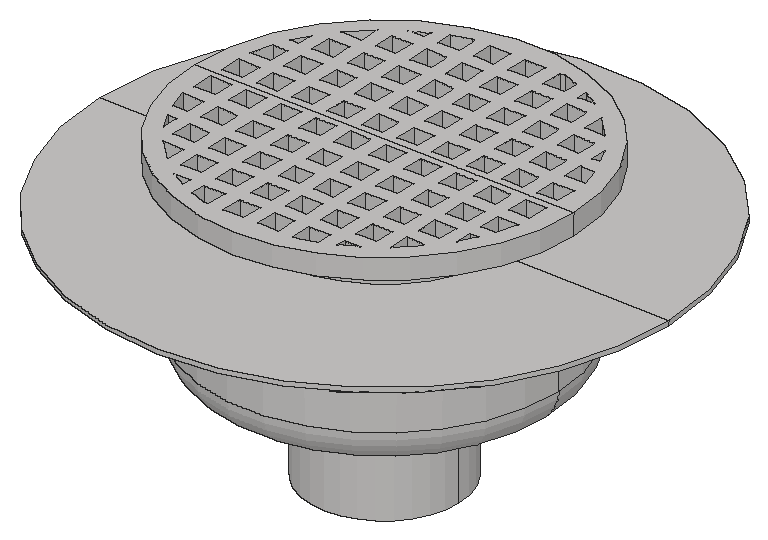
Revit family
Parameters (values of type "9600A06-02")
  Width = 9"
  Waste Connection Radius = 1"
  Waste Connection Diameter = Waste Connection Radius * 2  # 2"
  Waste Connection = yes
  Vent Connection = no
  URL = "www.jrsmith.com"
  Price = "Prices may vary. Please consult Manufacturer Representative for most up-to-date price list."  # constant formula
  Phone Number = "416-250-5656"  # constant formula
  Omniclass Table 23 Title = "Waste Water Drains"  # constant formula
  Omniclass Table 23 Code = "23.70.50.21.24"  # constant formula
  Nominal Height (1/2" min - 1-1/2" max) = 1"
  Model = "9600A06-2\""
  Material = Metal-Jay R Smith-Stainless Steel
  Masterformat Title = "Sanitary Drains"  # constant formula
  Masterformat Number = "22 13 19.13"  # constant formula
  Manufacturer = "Jay R. Smith"
  Length = Width  # 9"
  Height = 3 3/4"
  HW Connection = no
  Description = "General purpose floor drain with round adjustable strainer head for light duty use."
  Default Elevation = 0"
  Creation Date = "27/10/2014"  # constant formula
  Created By = "Allied Technical Services"  # constant formula
  CW Connection = no
  Assembly Code = "D2030300"
  ATS URL = "http://www.atsspec.net"
Types (4): name | Waste Connection Radius | Waste Connection Diameter | Model
  (no name) | 1" | 2" | "9600A06-2\""
  9600A06-02 | 1" | 2" | "9600A06-2\""
  9600A06-03 | 1 1/2" | 3" | "9600A06-3\""
  9600A06-04 | 2" | 4" | "9600A06-4\""
Reference planes (in)
  plane 1 "Center (Front/Back)": y = 0
  plane 2: z = 0
  plane 3 "Center (Left/Right)": x = 0
  plane 4: x = -4.5
  plane 5: x = 4.5
  plane 6: z = 3.75
  plane 7: x = -1
  plane 8: x = 1
  plane 9: z = 4.75
  plane 10: x = -3
  plane 11: x = 3
  plane 12: x = 0
  plane 13: y = 0
Forms (in)
  Revolve 1, solid, material "Metal-Jay R Smith-Stainless Steel" <- "Material"
    sketch origin (0, 0, 0) x (1, 0, 0) y (0, 0, 1)
      loop
        line (1, 0) -> (1.18, 0) -> (1.18, 1.56336) -> (2.22418, 1.56336)
        arc (2.22418, 1.56336) -> (2.59648, 1.74487) -> (2.75182, 2.12883) r 0.57812
        line (2.75182, 2.12883) -> (2.76561, 2.91907)
        arc (2.76561, 2.91907) -> (2.89178, 3.21261) -> (3.18748, 3.33358) r 0.42188
        line (3.18748, 3.33358) -> (3.89593, 3.33358) -> (4.5, 3.68234) -> (4.5, 3.75) -> (1.88476, 3.75) -> (1.88476, 4.32602) -> (1.98624, 4.4275) -> (3, 4.4275) -> (3, 4.75) -> (0, 4.75) -> (0, 4.48382) -> (1.743, 4.48382) -> (1.743, 3.41171) -> (2.69608, 3.41171) -> (2.67371, 2.13056)
        arc (2.67371, 2.13056) -> (2.54058, 1.79949) -> (2.22064, 1.64148) r 0.5
        line (2.22064, 1.64148) -> (1, 1.64148) -> (1, 0)
      axis (0, 0) -> (0, 4.75)
    angle from 0 to 360
  Extrusion 2, void
    sketch origin (0, 0, 0) x (1, 0, 0) y (0, 1, 0)
      loop
        line (-1, 0.44) -> (-1, 0.11) -> (-0.66, 0.11) -> (-0.66, 0.44) -> (-1, 0.44)
      loop
        line (-1, 0.99) -> (-1, 0.66) -> (-0.66, 0.66) -> (-0.66, 0.99) -> (-1, 0.99)
      loop
        line (-1, 1.54) -> (-1, 1.21) -> (-0.66, 1.21) -> (-0.66, 1.54) -> (-1, 1.54)
      loop
        line (-0.43977, 0.44) -> (-0.43977, 0.11) -> (-0.10977, 0.11) -> (-0.10977, 0.44) -> (-0.43977, 0.44)
      loop
        line (-0.43977, 0.99) -> (-0.43977, 0.66) -> (-0.10977, 0.66) -> (-0.10977, 0.99) -> (-0.43977, 0.99)
      loop
        line (-0.43977, 1.54) -> (-0.43977, 1.21) -> (-0.10977, 1.21) -> (-0.10977, 1.54) -> (-0.43977, 1.54)
      loop
        line (-1, -0.44) -> (-0.66, -0.44) -> (-0.66, -0.11) -> (-1, -0.11) -> (-1, -0.44)
      loop
        line (-1, -0.99) -> (-0.66, -0.99) -> (-0.66, -0.66) -> (-1, -0.66) -> (-1, -0.99)
      loop
        line (-1, -1.54) -> (-0.66, -1.54) -> (-0.66, -1.21) -> (-1, -1.21) -> (-1, -1.54)
      loop
        line (-0.43977, -0.44) -> (-0.10977, -0.44) -> (-0.10977, -0.11) -> (-0.43977, -0.11) -> (-0.43977, -0.44)
      loop
        line (-0.43977, -0.99) -> (-0.10977, -0.99) -> (-0.10977, -0.66) -> (-0.43977, -0.66) -> (-0.43977, -0.99)
      loop
        line (-0.43977, -1.54) -> (-0.10977, -1.54) -> (-0.10977, -1.21) -> (-0.43977, -1.21) -> (-0.43977, -1.54)
      loop
        arc (-2.10086, -1.76) -> (-1.94245, -1.93342) -> (-1.76977, -2.09263) r 2.74066
        line (-1.76977, -2.09263) -> (-1.76977, -1.76) -> (-2.10086, -1.76)
      loop
        line (-2.10977, 0.44) -> (-2.10977, 0.11) -> (-1.76977, 0.11) -> (-1.76977, 0.44) -> (-2.10977, 0.44)
      loop
        line (-2.10977, 0.99) -> (-2.10977, 0.66) -> (-1.76977, 0.66) -> (-1.76977, 0.99) -> (-2.10977, 0.99)
      loop
        line (-2.10977, 1.54) -> (-2.10977, 1.21) -> (-1.76977, 1.21) -> (-1.76977, 1.54) -> (-2.10977, 1.54)
      loop
        line (-1.54954, 0.44) -> (-1.54954, 0.11) -> (-1.21954, 0.11) -> (-1.21954, 0.44) -> (-1.54954, 0.44)
      loop
        line (-1.54954, 0.99) -> (-1.54954, 0.66) -> (-1.21954, 0.66) -> (-1.21954, 0.99) -> (-1.54954, 0.99)
      loop
        line (-1.54954, 1.54) -> (-1.54954, 1.21) -> (-1.21954, 1.21) -> (-1.21954, 1.54) -> (-1.54954, 1.54)
      loop
        line (-2.10977, -0.44) -> (-1.76977, -0.44) -> (-1.76977, -0.11) -> (-2.10977, -0.11) -> (-2.10977, -0.44)
      loop
        line (-2.10977, -0.99) -> (-1.76977, -0.99) -> (-1.76977, -0.66) -> (-2.10977, -0.66) -> (-2.10977, -0.99)
      loop
        line (-2.10977, -1.54) -> (-1.76977, -1.54) -> (-1.76977, -1.21) -> (-2.10977, -1.21) -> (-2.10977, -1.54)
      loop
        line (-1.54954, -0.44) -> (-1.21954, -0.44) -> (-1.21954, -0.11) -> (-1.54954, -0.11) -> (-1.54954, -0.44)
      loop
        line (-1.54954, -0.99) -> (-1.21954, -0.99) -> (-1.21954, -0.66) -> (-1.54954, -0.66) -> (-1.54954, -0.99)
      loop
        line (-1.54954, -1.54) -> (-1.21954, -1.54) -> (-1.21954, -1.21) -> (-1.54954, -1.21) -> (-1.54954, -1.54)
      loop
        line (-2.66, 0.44) -> (-2.66, 0.11) -> (-2.32, 0.11) -> (-2.32, 0.44) -> (-2.66, 0.44)
      loop
        arc (-2.5556, 0.99) -> (-2.61302, 0.82665) -> (-2.66, 0.66) r 2.74066
        line (-2.66, 0.66) -> (-2.32, 0.66) -> (-2.32, 0.99) -> (-2.5556, 0.99)
      loop
        line (-2.32, 1.21) -> (-2.32, 1.45904)
        arc (-2.32, 1.45904) -> (-2.39278, 1.33633) -> (-2.45909, 1.21) r 2.74066
        line (-2.45909, 1.21) -> (-2.32, 1.21)
      loop
        line (-2.66, -0.44) -> (-2.32, -0.44) -> (-2.32, -0.11) -> (-2.66, -0.11) -> (-2.66, -0.44)
      loop
        line (-2.5556, -0.99) -> (-2.32, -0.99) -> (-2.32, -0.66) -> (-2.66, -0.66)
        arc (-2.66, -0.66) -> (-2.61302, -0.82665) -> (-2.5556, -0.99) r 2.74066
      loop
        line (-2.32, -1.21) -> (-2.45909, -1.21)
        arc (-2.45909, -1.21) -> (-2.39278, -1.33633) -> (-2.32, -1.45904) r 2.74066
        line (-2.32, -1.45904) -> (-2.32, -1.21)
      loop
        line (-1, 2.09) -> (-1, 1.76) -> (-0.66, 1.76) -> (-0.66, 2.09) -> (-1, 2.09)
      loop
        arc (-0.73593, 2.64) -> (-0.86909, 2.59921) -> (-1, 2.55171) r 2.74066
        line (-1, 2.55171) -> (-1, 2.31) -> (-0.66, 2.31) -> (-0.66, 2.64) -> (-0.73593, 2.64)
      loop
        line (-0.43977, 2.09) -> (-0.43977, 1.76) -> (-0.10977, 1.76) -> (-0.10977, 2.09) -> (-0.43977, 2.09)
      loop
        line (-0.43977, 2.64) -> (-0.43977, 2.31) -> (-0.10977, 2.31) -> (-0.10977, 2.64) -> (-0.43977, 2.64)
      loop
        line (-1.76977, 1.76) -> (-1.76977, 2.09263)
        arc (-1.76977, 2.09263) -> (-1.94245, 1.93342) -> (-2.10086, 1.76) r 2.74066
        line (-2.10086, 1.76) -> (-1.76977, 1.76)
      loop
        line (-1.54954, 2.09) -> (-1.54954, 1.76) -> (-1.21954, 1.76) -> (-1.21954, 2.09) -> (-1.54954, 2.09)
      loop
        line (-1.21954, 2.31) -> (-1.21954, 2.45437)
        arc (-1.21954, 2.45437) -> (-1.34911, 2.3856) -> (-1.47482, 2.31) r 2.74066
        line (-1.47482, 2.31) -> (-1.21954, 2.31)
      loop
        line (-1, -2.09) -> (-0.66, -2.09) -> (-0.66, -1.76) -> (-1, -1.76) -> (-1, -2.09)
      loop
        line (-0.73593, -2.64) -> (-0.66, -2.64) -> (-0.66, -2.31) -> (-1, -2.31) -> (-1, -2.55171)
        arc (-1, -2.55171) -> (-0.86909, -2.59921) -> (-0.73593, -2.64) r 2.74066
      loop
        line (-0.43977, -2.09) -> (-0.10977, -2.09) -> (-0.10977, -1.76) -> (-0.43977, -1.76) -> (-0.43977, -2.09)
      loop
        line (-0.43977, -2.64) -> (-0.10977, -2.64) -> (-0.10977, -2.31) -> (-0.43977, -2.31) -> (-0.43977, -2.64)
      loop
        line (-1.54954, -2.09) -> (-1.21954, -2.09) -> (-1.21954, -1.76) -> (-1.54954, -1.76) -> (-1.54954, -2.09)
      loop
        line (-1.21954, -2.31) -> (-1.47482, -2.31)
        arc (-1.47482, -2.31) -> (-1.34911, -2.3856) -> (-1.21954, -2.45437) r 2.74066
        line (-1.21954, -2.45437) -> (-1.21954, -2.31)
      loop
        line (1, 0.44) -> (0.66, 0.44) -> (0.66, 0.11) -> (1, 0.11) -> (1, 0.44)
      loop
        line (1, 0.99) -> (0.66, 0.99) -> (0.66, 0.66) -> (1, 0.66) -> (1, 0.99)
      loop
        line (1, 1.54) -> (0.66, 1.54) -> (0.66, 1.21) -> (1, 1.21) -> (1, 1.54)
      loop
        line (0.43977, 0.44) -> (0.10977, 0.44) -> (0.10977, 0.11) -> (0.43977, 0.11) -> (0.43977, 0.44)
      loop
        line (0.43977, 0.99) -> (0.10977, 0.99) -> (0.10977, 0.66) -> (0.43977, 0.66) -> (0.43977, 0.99)
      loop
        line (0.43977, 1.54) -> (0.10977, 1.54) -> (0.10977, 1.21) -> (0.43977, 1.21) -> (0.43977, 1.54)
      loop
        line (1, -0.44) -> (1, -0.11) -> (0.66, -0.11) -> (0.66, -0.44) -> (1, -0.44)
      loop
        line (1, -0.99) -> (1, -0.66) -> (0.66, -0.66) -> (0.66, -0.99) -> (1, -0.99)
      loop
        line (1, -1.54) -> (1, -1.21) -> (0.66, -1.21) -> (0.66, -1.54) -> (1, -1.54)
      loop
        line (0.43977, -0.44) -> (0.43977, -0.11) -> (0.10977, -0.11) -> (0.10977, -0.44) -> (0.43977, -0.44)
      loop
        line (0.43977, -0.99) -> (0.43977, -0.66) -> (0.10977, -0.66) -> (0.10977, -0.99) -> (0.43977, -0.99)
      loop
        line (0.43977, -1.54) -> (0.43977, -1.21) -> (0.10977, -1.21) -> (0.10977, -1.54) -> (0.43977, -1.54)
      loop
        line (2.10086, -1.76) -> (1.76977, -1.76) -> (1.76977, -2.09263)
        arc (1.76977, -2.09263) -> (1.94245, -1.93342) -> (2.10086, -1.76) r 2.74066
      loop
        line (2.10977, 0.44) -> (1.76977, 0.44) -> (1.76977, 0.11) -> (2.10977, 0.11) -> (2.10977, 0.44)
      loop
        line (2.10977, 0.99) -> (1.76977, 0.99) -> (1.76977, 0.66) -> (2.10977, 0.66) -> (2.10977, 0.99)
      loop
        line (2.10977, 1.54) -> (1.76977, 1.54) -> (1.76977, 1.21) -> (2.10977, 1.21) -> (2.10977, 1.54)
      loop
        line (1.54954, 0.44) -> (1.21954, 0.44) -> (1.21954, 0.11) -> (1.54954, 0.11) -> (1.54954, 0.44)
      loop
        line (1.54954, 0.99) -> (1.21954, 0.99) -> (1.21954, 0.66) -> (1.54954, 0.66) -> (1.54954, 0.99)
      loop
        line (1.54954, 1.54) -> (1.21954, 1.54) -> (1.21954, 1.21) -> (1.54954, 1.21) -> (1.54954, 1.54)
      loop
        line (2.10977, -0.44) -> (2.10977, -0.11) -> (1.76977, -0.11) -> (1.76977, -0.44) -> (2.10977, -0.44)
      loop
        line (2.10977, -0.99) -> (2.10977, -0.66) -> (1.76977, -0.66) -> (1.76977, -0.99) -> (2.10977, -0.99)
      loop
        line (2.10977, -1.54) -> (2.10977, -1.21) -> (1.76977, -1.21) -> (1.76977, -1.54) -> (2.10977, -1.54)
      loop
        line (1.54954, -0.44) -> (1.54954, -0.11) -> (1.21954, -0.11) -> (1.21954, -0.44) -> (1.54954, -0.44)
      loop
        line (1.54954, -0.99) -> (1.54954, -0.66) -> (1.21954, -0.66) -> (1.21954, -0.99) -> (1.54954, -0.99)
      loop
        line (1.54954, -1.54) -> (1.54954, -1.21) -> (1.21954, -1.21) -> (1.21954, -1.54) -> (1.54954, -1.54)
      loop
        line (2.66, 0.44) -> (2.32, 0.44) -> (2.32, 0.11) -> (2.66, 0.11) -> (2.66, 0.44)
      loop
        line (2.5556, 0.99) -> (2.32, 0.99) -> (2.32, 0.66) -> (2.66, 0.66)
        arc (2.66, 0.66) -> (2.61302, 0.82665) -> (2.5556, 0.99) r 2.74066
      loop
        line (2.32, 1.21) -> (2.45909, 1.21)
        arc (2.45909, 1.21) -> (2.39278, 1.33633) -> (2.32, 1.45904) r 2.74066
        line (2.32, 1.45904) -> (2.32, 1.21)
      loop
        line (2.66, -0.44) -> (2.66, -0.11) -> (2.32, -0.11) -> (2.32, -0.44) -> (2.66, -0.44)
      loop
        arc (2.5556, -0.99) -> (2.61302, -0.82665) -> (2.66, -0.66) r 2.74066
        line (2.66, -0.66) -> (2.32, -0.66) -> (2.32, -0.99) -> (2.5556, -0.99)
      loop
        line (2.32, -1.21) -> (2.32, -1.45904)
        arc (2.32, -1.45904) -> (2.39278, -1.33633) -> (2.45909, -1.21) r 2.74066
        line (2.45909, -1.21) -> (2.32, -1.21)
      loop
        line (1, 2.09) -> (0.66, 2.09) -> (0.66, 1.76) -> (1, 1.76) -> (1, 2.09)
      loop
        line (0.73593, 2.64) -> (0.66, 2.64) -> (0.66, 2.31) -> (1, 2.31) -> (1, 2.55171)
        arc (1, 2.55171) -> (0.86909, 2.59921) -> (0.73593, 2.64) r 2.74066
      loop
        line (0.43977, 2.09) -> (0.10977, 2.09) -> (0.10977, 1.76) -> (0.43977, 1.76) -> (0.43977, 2.09)
      loop
        line (0.43977, 2.64) -> (0.10977, 2.64) -> (0.10977, 2.31) -> (0.43977, 2.31) -> (0.43977, 2.64)
      loop
        line (1.76977, 1.76) -> (2.10086, 1.76)
        arc (2.10086, 1.76) -> (1.94245, 1.93342) -> (1.76977, 2.09263) r 2.74066
        line (1.76977, 2.09263) -> (1.76977, 1.76)
      loop
        line (1.54954, 2.09) -> (1.21954, 2.09) -> (1.21954, 1.76) -> (1.54954, 1.76) -> (1.54954, 2.09)
      loop
        line (1.21954, 2.31) -> (1.47482, 2.31)
        arc (1.47482, 2.31) -> (1.34911, 2.3856) -> (1.21954, 2.45437) r 2.74066
        line (1.21954, 2.45437) -> (1.21954, 2.31)
      loop
        line (1, -2.09) -> (1, -1.76) -> (0.66, -1.76) -> (0.66, -2.09) -> (1, -2.09)
      loop
        arc (0.73593, -2.64) -> (0.86909, -2.59921) -> (1, -2.55171) r 2.74066
        line (1, -2.55171) -> (1, -2.31) -> (0.66, -2.31) -> (0.66, -2.64) -> (0.73593, -2.64)
      loop
        line (0.43977, -2.09) -> (0.43977, -1.76) -> (0.10977, -1.76) -> (0.10977, -2.09) -> (0.43977, -2.09)
      loop
        line (0.43977, -2.64) -> (0.43977, -2.31) -> (0.10977, -2.31) -> (0.10977, -2.64) -> (0.43977, -2.64)
      loop
        line (1.54954, -2.09) -> (1.54954, -1.76) -> (1.21954, -1.76) -> (1.21954, -2.09) -> (1.54954, -2.09)
      loop
        line (1.21954, -2.31) -> (1.21954, -2.45437)
        arc (1.21954, -2.45437) -> (1.34911, -2.3856) -> (1.47482, -2.31) r 2.74066
        line (1.47482, -2.31) -> (1.21954, -2.31)
    from 4.48382 to 6.06517
Cuts and joins
  Extrusion 2 cuts Revolve 1
Dimensions and locks (in)
  "Height": plane 6 to plane 2
  "Waste Connection Diameter": plane 8 to plane 7
  "Width": plane 5 to plane 4
  equal spacing: plane 8, plane 3 "Center (Left/Right)", plane 7
  equal spacing: plane 5, plane 3 "Center (Left/Right)", plane 4
  "Nominal Height (1/2" min - 1-1/2" max)": plane 9 to plane 6
  locked: plane 8 to Revolve 1 sketch curve at 0.18
  locked: plane 3 "Center (Left/Right)" to Revolve 1 sketch curve at 1.743
  locked: plane 9 to Revolve 1 sketch curve at 0.3225
  locked: plane 9 to Revolve 1 sketch curve at 0.26618
  plane 11 to plane 10 = 6"
  aligned and locked: plane 8 to Revolve 1 sketch curve
Automatic sketch dimensions
  Revolve 1 sketch curve to Revolve 1 sketch curve = 0"  (x5)
  Revolve 1 sketch curve to plane 3 "Center (Left/Right)" = 0"  (x2)
  Revolve 1 sketch curve to plane 6 = 0"
  plane 11 to Revolve 1 sketch curve = 0"
  Revolve 1 sketch curve to level = 0"
  Revolve 1 sketch curve to plane 9 = 0"
  Revolve 1 sketch curve to Revolve 1 sketch curve = 0.14176"
  Revolve 1 sketch curve to Revolve 1 sketch curve = 0.10148"  (x2)
  plane 11 to Revolve 1 sketch curve = 0.82621"
  Revolve 1 sketch curve to Revolve 1 sketch curve = 0.04685"
  Revolve 1 sketch curve to Revolve 1 sketch curve = 0.00354"
  plane 11 to Revolve 1 sketch curve = 0.32629"
  plane 11 to Revolve 1 sketch curve = 0.30392"
  Revolve 1 sketch curve to Revolve 1 sketch curve = 5/64"  (x2)
  plane 11 to Revolve 1 sketch curve = 15/64"
  Revolve 1 sketch curve to Revolve 1 sketch curve = 0.00006"
  Revolve 1 sketch curve to plane 11 = 0.18748"
  plane 5 to Revolve 1 sketch curve = 0.60407"
  plane 5 to Revolve 1 sketch curve = 0"
  Revolve 1 sketch curve to level = 5.86427"
  Revolve 1 sketch curve to Revolve 1 sketch curve = 1/2"
  Revolve 1 sketch curve to Revolve 1 sketch curve = 1.56336"
  Revolve 1 sketch curve to Revolve 1 sketch curve = 0.48735"
  Revolve 1 sketch curve to plane 6 = 0.83829"
  Revolve 1 sketch curve to Revolve 1 sketch curve = 0.00736"
  Revolve 1 sketch curve to plane 6 = 0.33829"
  Revolve 1 sketch curve to plane 6 = 0.06766"
  Extrusion 2 sketch curve to Extrusion 2 sketch curve = 0"  (x465)
  Extrusion 2 sketch curve to plane 12 = 0"
  plane 13 to Extrusion 2 sketch curve = 0"
  plane 12 to Extrusion 2 sketch curve = 0.10977"  (x10)
  Extrusion 2 sketch curve to Extrusion 2 sketch curve = 0.33"  (x49)
  Extrusion 2 sketch curve to plane 13 = 0.11"  (x10)
  Extrusion 2 sketch curve to Extrusion 2 sketch curve = 0.22023"  (x24)
  plane 13 to Extrusion 2 sketch curve = 0.11"  (x10)
  Extrusion 2 sketch curve to Extrusion 2 sketch curve = 0.07593"  (x4)
  Extrusion 2 sketch curve to Extrusion 2 sketch curve = 0.34"  (x24)
  Extrusion 2 sketch curve to Extrusion 2 sketch curve = 0.26407"  (x3)
  Extrusion 2 sketch curve to Extrusion 2 sketch curve = 0.21954"  (x20)
  Extrusion 2 sketch curve to Extrusion 2 sketch curve = 0.25529"  (x4)
  Extrusion 2 sketch curve to Extrusion 2 sketch curve = 0.07471"  (x2)
  Extrusion 2 sketch curve to Extrusion 2 sketch curve = 0.33109"  (x4)
  Extrusion 2 sketch curve to Extrusion 2 sketch curve = 0.00891"  (x3)
  Extrusion 2 sketch curve to Extrusion 2 sketch curve = 0.21023"  (x12)
  Extrusion 2 sketch curve to Extrusion 2 sketch curve = 0.13909"  (x4)
  Extrusion 2 sketch curve to Extrusion 2 sketch curve = 0.2356"  (x4)
  Extrusion 2 sketch curve to plane 12 = 0.10977"  (x10)
  plane 13 to Extrusion 2 sketch curve = 0.44"
  Extrusion 2 sketch curve to Extrusion 2 sketch curve = 0.22"  (x53)
  Extrusion 2 sketch curve to Extrusion 2 sketch curve = 0.08096"  (x3)
  Extrusion 2 sketch curve to Extrusion 2 sketch curve = 0.00263"
  Extrusion 2 sketch curve to Extrusion 2 sketch curve = 0.09734"  (x4)
Connectors (in)
  piping at (0, 0, 0), driven by "Waste Connection Radius"
    settings: on cut or joined group of Revolve 1, Extrusion 2, index 1
